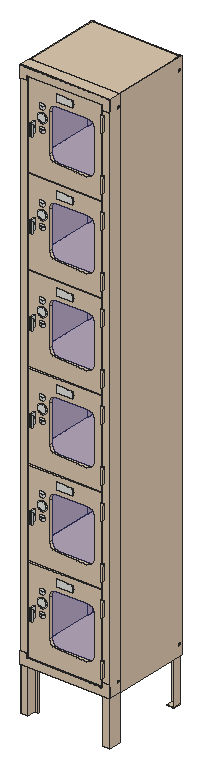
Revit family "Metal_Lockers-Salsbury_Industries-S_65000_66000_Series-1_Wide_Units", category Specialty Equipment, Revit 2016 (continued)
Definition of nested family "Metal Locker Legs"
  Automatic sketch dimensions
    Extrusion 3 sketch curve to plane 21 "Inside Edge or Rear Right Leg" = 0.000"
    Extrusion 3 sketch curve to plane 18 "Right Edge of Rear Right Leg" = 0.000"
    plane 20 to Extrusion 3 sketch curve = 0.000"
    plane 17 "Back Edge of Rear Legs" to Extrusion 3 sketch curve = 0.060"
    plane 18 "Right Edge of Rear Right Leg" to Extrusion 3 sketch curve = 0.060"
    plane 17 "Back Edge of Rear Legs" to Extrusion 4 sketch curve = 0.000"
    Extrusion 4 sketch curve to plane 18 "Right Edge of Rear Right Leg" = 0.000"
    plane 20 to Extrusion 4 sketch curve = 0.000"
    Extrusion 4 sketch curve to plane 21 "Inside Edge or Rear Right Leg" = 0.000"
    plane 17 "Back Edge of Rear Legs" to Extrusion 5 sketch curve = 0.000"
    Extrusion 5 sketch curve to plane 22 "Inside Edge or Left Rear Leg" = 0.000"
    Extrusion 5 sketch curve to plane 19 "Left Edge or Rear Left Leg" = 0.000"
    plane 20 to Extrusion 5 sketch curve = 0.000"
    Extrusion 5 sketch curve to plane 17 "Back Edge of Rear Legs" = 0.060"
    Extrusion 5 sketch curve to plane 19 "Left Edge or Rear Left Leg" = 0.060"
    plane 17 "Back Edge of Rear Legs" to Extrusion 6 sketch curve = 0.000"
    Extrusion 6 sketch curve to plane 19 "Left Edge or Rear Left Leg" = 0.000"
    plane 20 to Extrusion 6 sketch curve = 0.000"
    Extrusion 6 sketch curve to plane 22 "Inside Edge or Left Rear Leg" = 0.000"
Definition of nested family "See-Through Metal Locker Doors-12 inch with Latch Hasps"
  Parameters (values of type "Four Tier Door - 6 foot")
    Window Panel = none
    Window Height = 13.000"
    Width = 9.901"
    Visible = yes
    Primary Structure Material = none
    Top of Window Vertical Alignment = 2.180"
    Number Plate Alignment = 0.738"
    Window Width = 6.000"
    Hinge 2 Placement = 14.142"
    Hinge 1 Placement = 1.125"
    Height = 17.360"
    Hasp Plate Rivet Material = none
    Hasp Height = 1.438"
    Depth = 0.350"
  Types (4): name | Window Height | Top of Window Vertical Alignment | Hinge 2 Placement | Height
    Four Tier Door - 6 foot | 13.000" | 2.180" | 14.142" | 17.360"
    Four Tier Door - 5 foot | 10.000" | 2.180" | 11.142" | 14.360"
    Five Tier Door - 5 foot | 7.000" | 2.250" | 8.188" | 11.463"
    Six Tier Door - 6 foot | 7.000" | 2.250" | 8.449" | 11.532"
  Reference planes (in)
    plane 1 "Center (Front/Back)": y = 0
    plane 2 "Bottom of Door": z = 0
    plane 3 "Center (Left/Right)": x = 0
    plane 4 "Center (Top/Bottom)": z = 8.68
    plane 5 "Top of Door": z = 17.36
    plane 6 "Right Side of Door": x = 4.9505
    plane 7 "Left Side of Door": x = -4.9505
    plane 8 "Front of Door": y = -0.175
    plane 9 "Back of Door": y = 0.175
    plane 10 "Top of Number Plate": z = 16.622
    plane 11 "Top of Window Cut Out": z = 15.18
    plane 12 "Bottom of Window Cut Out": z = 2.18
    plane 13 "Top of Hasp Alignment": z = 9.399
    plane 14 "Bottom of Hasp Alignment": z = 7.961
    plane 15 "Left Side of Window Cut Out": x = -2.0495
    plane 16 "Right Side of Window Cut Out": x = 3.9505
    plane 17 "Front of Louvers": y = -0.3625
    plane 18: z = 15.622
    plane 19 "Center Hasp": x = -1.7755
    plane 20 "Top of Hinge 2": z = 3.218
    plane 21 "Top of Hinge 1": z = 16.235
    plane 22 "Left Hasp Hole Align": x = -4.263
    plane 23 "Right Hasp Hole Align": x = -4.013
    plane 24 "Center Hasp Stud Align": z = 10.09841
    plane 25 "Top Hasp Stud Align": z = 11.51682
    plane 26 "Vertical Hasp Stud Align": x = -3.076
    plane 27 "Vertical Center Hasp Align": x = -4.13777
    plane 28 "Center of Window": x = 0.9505
    plane 29: z = 15.18
    plane 30: z = 14.18
    plane 31: z = 2.18
    plane 32: z = 3.18
    plane 33: x = -2.0495
    plane 34: x = -1.0495
    plane 35: x = 2.9505
    plane 36: x = 3.9505
    plane 37 "Left Side of Window": x = -2.2995
    plane 38 "Right Side of Window": x = 4.2005
    plane 39 "Bottom of Window": z = 1.93
    plane 40 "Top of Window": z = 15.43
    plane 41: x = -3.76277
    plane 42: y = -0.9875
    plane 43: x = -4.20027
  Forms (in)
    Extrusion 1, solid, material <- "Primary Structure Material", visible <- "Visible"
      sketch origin (0, 0, 0) x (1, 0, 0) y (0, 0, 1)
        loop
          line (-4.9505, 17.36) -> (-4.9505, 0) -> (4.9505, 0) -> (4.9505, 17.36) -> (-4.9505, 17.36)
        loop
          line (-2.0495, 14.18) -> (-2.0495, 3.18)
          arc (-2.0495, 3.18) -> (-1.75661, 2.47289) -> (-1.0495, 2.18) r 1
          line (-1.0495, 2.18) -> (2.9505, 2.18)
          arc (2.9505, 2.18) -> (3.65761, 2.47289) -> (3.9505, 3.18) r 1
          line (3.9505, 3.18) -> (3.9505, 14.18)
          arc (3.9505, 14.18) -> (3.65761, 14.88711) -> (2.9505, 15.18) r 1
          line (2.9505, 15.18) -> (-1.0495, 15.18)
          arc (-1.0495, 15.18) -> (-1.75661, 14.88711) -> (-2.0495, 14.18) r 1
      from -0.175 to 0.175
    Extrusion 2, solid, material <- "Primary Structure Material", visible <- "Visible", detail levels fine
      sketch origin (0, 0, 16.235) x (0, -1, 0) y (1, 0, 0)
        loop
          line (0.175, 4.9505) -> (0.3, 4.9505)
          arc (0.3, 4.9505) -> (0.425, 5.0755) -> (0.3, 5.2005) r 0.125
          line (0.3, 5.2005) -> (0.175, 5.2005) -> (0.175, 4.9505)
      from 0 to -2
    Extrusion 3, solid, material <- "Primary Structure Material", visible <- "Visible", detail levels fine
      sketch origin (0, 0, 3.218) x (0, -1, 0) y (1, 0, 0)
        loop
          line (0.175, 4.9505) -> (0.3, 4.9505)
          arc (0.3, 4.9505) -> (0.425, 5.0755) -> (0.3, 5.2005) r 0.125
          line (0.3, 5.2005) -> (0.175, 5.2005) -> (0.175, 4.9505)
      from 0 to -2
    Extrusion 4, void
      sketch origin (0, -0.175, 0) x (1, 0, 0) y (0, 0, 1)
        loop
          line (-4.263, 9.399) -> (-4.263, 7.961) -> (-4.013, 7.961) -> (-4.013, 9.399) -> (-4.263, 9.399)
      from -0.9 to 0
    Blend 5, solid, material <- "Hasp Plate Rivet Material", visible <- "Visible", detail levels medium+fine
      base sketch origin (0, -0.175, 0) x (1, 0, 0) y (0, 0, 1)
        loop
          circle (-3.076, 8.68) r 0.375
      top sketch origin (0, -0.175, 0) x (1, 0, 0) y (0, 0, 1)
        loop
          circle (-3.076, 8.68) r 0.09706
      from 0 to 0.03497
    Blend 6, solid, material <- "Hasp Plate Rivet Material", visible <- "Visible", detail levels medium+fine
      base sketch origin (0, -0.175, 2.83682) x (1, 0, 0) y (0, 0, 1)
        loop
          circle (-3.076, 8.68) r 0.375
      top sketch origin (0, -0.175, 2.83682) x (1, 0, 0) y (0, 0, 1)
        loop
          circle (-3.076, 8.68) r 0.09706
      from 0 to 0.03497
    Blend 7, solid, material <- "Hasp Plate Rivet Material", visible <- "Visible", detail levels medium+fine
      base sketch origin (0, -0.175, -0.16841) x (1, 0, 0) y (0, 0, 1)
        loop
          circle (-3.076, 10.26682) r 0.625
      top sketch origin (0, -0.175, -0.16841) x (1, 0, 0) y (0, 0, 1)
        loop
          circle (-3.076, 10.26682) r 0.58088
      from 0 to 0.03497
    Extrusion 8, solid, material <- "Hasp Plate Rivet Material", visible <- "Visible", detail levels medium+fine
      sketch origin (0, 0, 7.961) x (0, -1, 0) y (1, 0, 0)
        loop
          line (-0.175, -4.07527) -> (-0.175, -4.13777) -> (0.925, -4.13777)
          arc (0.925, -4.13777) -> (0.96919, -4.11946) -> (0.9875, -4.07527) r 0.0625
          line (0.9875, -4.07527) -> (0.9875, -3.76277) -> (0.93079, -3.76277) -> (0.93079, -4.0127)
          arc (0.93079, -4.0127) -> (0.91246, -4.05694) -> (0.86822, -4.07527) r 0.06257
          line (0.86822, -4.07527) -> (-0.175, -4.07527)
      from 0 to 1.438
    Extrusion 9, solid, material <- "Hasp Plate Rivet Material", visible <- "Visible", detail levels medium+fine
      sketch origin (0, 0, 7.961) x (0, -1, 0) y (1, 0, 0)
        loop
          line (-0.175, -4.20027) -> (0.9875, -4.20027) -> (0.9875, -4.13777) -> (-0.175, -4.13777) -> (-0.175, -4.20027)
      from 0 to 1.438
    Extrusion 10, void
      sketch origin (-4.013, 0, 0) x (0, 0, -1) y (0, -1, 0)
        loop
          circle (-8.68, 0.54719) r 0.375
      from 0 to 0.25
    Extrusion 11, solid, material <- "Window Panel"
      sketch origin (0, 0.175, 0) x (1, 0, 0) y (0, 0, 1)
        loop
          line (-2.2995, 15.43) -> (-2.2995, 1.93) -> (4.2005, 1.93) -> (4.2005, 15.43) -> (-2.2995, 15.43)
      from 0 to -0.25
    Extrusion 12, solid, material <- "Hasp Plate Rivet Material", detail levels medium+fine
      sketch origin (0, -0.175, 0) x (1, 0, 0) y (0, 0, 1)
        loop
          arc (-1.06847, 16.58622) -> (-1.0946, 16.12349) -> (-1.06847, 15.66075) r 4.11054
          arc (-1.06847, 15.66075) -> (0, 15.622) -> (1.06847, 15.66075) r 14.75
          arc (1.06847, 15.66075) -> (1.0946, 16.12349) -> (1.06847, 16.58622) r 4.11054
          arc (1.06847, 16.58622) -> (0, 16.61467) -> (-1.06847, 16.58622) r 20.07893
      from 0 to 0.03497
  Cuts and joins
    Extrusion 4 cuts Extrusion 1
    Extrusion 10 cuts Extrusion 8
    Extrusion 10 cuts Extrusion 9
  Lines and regions (in)
    symbolic lines
      curve 1: line (-4.9505, 0.175, 17.36) -> (4.9505, 0.175, 17.36)
      curve 2: line (-4.9505, 0.175, 0) -> (-4.9505, 0.175, 17.36)
      curve 3: line (4.9505, 0.175, 0) -> (-4.9505, 0.175, 0)
      curve 4: line (4.9505, 0.175, 17.36) -> (4.9505, 0.175, 0)
      curve 5: line (-1.0495, 0.175, 15.18) -> (2.9505, 0.175, 15.18)
      curve 6: line (3.9505, 0.175, 14.18) -> (3.9505, 0.175, 3.18)
      curve 7: line (2.9505, 0.175, 2.18) -> (-1.0495, 0.175, 2.18)
      curve 8: line (-2.0495, 0.175, 3.18) -> (-2.0495, 0.175, 14.18)
      curve 9: arc (-2.0495, 0.175, 14.18) -> (-1.75661, 0.175, 14.88711) -> (-1.0495, 0.175, 15.18) r 1
      curve 10: arc (3.9505, 0.175, 14.18) -> (3.65761, 0.175, 14.88711) -> (2.9505, 0.175, 15.18) r 1
      curve 11: arc (2.9505, 0.175, 2.18) -> (3.65761, 0.175, 2.47289) -> (3.9505, 0.175, 3.18) r 1
      curve 12: arc (-1.0495, 0.175, 2.18) -> (-1.75661, 0.175, 2.47289) -> (-2.0495, 0.175, 3.18) r 1
      curve 13: circle (-3.076, 0.175, 11.51682) r 0.375 normal (0, -1, 0)
      curve 14: circle (-3.076, 0.175, 8.68) r 0.375 normal (0, -1, 0)
      curve 15: circle (-3.076, 0.175, 10.09841) r 0.625 normal (0, -1, 0)
      curve 16: line (-4.263, 0.175, 9.399) -> (-3.76277, 0.175, 9.399)
      curve 17: line (-4.263, 0.175, 7.961) -> (-4.263, 0.175, 9.399)
      curve 18: line (-3.76277, 0.175, 7.961) -> (-4.263, 0.175, 7.961)
      curve 19: line (-3.76277, 0.175, 9.399) -> (-3.76277, 0.175, 7.961)
      curve 20: line (-4.13777, 0.175, 9.399) -> (-4.13777, 0.175, 7.961)
      curve 21: line (-4.013, -0.9875, 9.399) -> (-4.013, -0.175, 9.399)
      curve 22: line (-4.013, -0.9875, 7.961) -> (-4.013, -0.9875, 9.399)
      curve 23: line (-4.013, -0.175, 7.961) -> (-4.013, -0.9875, 7.961)
      curve 24: line (-4.013, -0.175, 9.399) -> (-4.013, -0.175, 7.961)
      curve 25: circle (-4.013, -0.55258, 8.68) r 0.37238 normal (-1, 0, 0)
      curve 26: line (-4.20027, -0.175, 0) -> (-4.13777, -0.175, 0)
      curve 27: line (-4.20027, -0.9875, 0) -> (-4.20027, -0.175, 0)
      curve 28: line (-4.13777, -0.9875, 0) -> (-4.20027, -0.9875, 0)
      curve 29: line (-4.13777, -0.175, 0) -> (-4.13777, -0.9875, 0)
      curve 30: line (-4.07527, -0.17219, 0) -> (-4.07527, -0.86822, 0)
      curve 31: line (-3.76277, -0.93079, 0) -> (-4.0127, -0.93079, 0)
      curve 32: line (-3.76277, -0.93079, 0) -> (-3.76277, -0.9875, 0)
      curve 33: line (-3.76277, -0.9875, 0) -> (-4.07527, -0.9875, 0)
      curve 34: arc (-4.0127, -0.93079, 0) -> (-4.05694, -0.91246, 0) -> (-4.07527, -0.86822, 0) r 0.06257
      curve 35: arc (-4.07527, -0.9875, 0) -> (-4.11946, -0.96919, 0) -> (-4.13777, -0.925, 0) r 0.0625
  Dimensions and locks (in)
    equal spacing: plane 5 "Top of Door", plane 4 "Center (Top/Bottom)", plane 2 "Bottom of Door"
    "Height": plane 5 "Top of Door" to plane 2 "Bottom of Door"
    equal spacing: plane 8 "Front of Door", plane 1 "Center (Front/Back)", plane 9 "Back of Door"
    "Depth": plane 8 "Front of Door" to plane 9 "Back of Door"
    equal spacing: plane 7 "Left Side of Door", plane 3 "Center (Left/Right)", plane 6 "Right Side of Door"
    "Width": plane 7 "Left Side of Door" to plane 6 "Right Side of Door"
    "Number Plate Alignment": plane 5 "Top of Door" to plane 10 "Top of Number Plate" to plane 18
    "Window Width": plane 15 "Left Side of Window Cut Out" to plane 16 "Right Side of Window Cut Out"
    "Top of Window Vertical Alignment": plane 5 "Top of Door" to plane 11 "Top of Window Cut Out"
    "Window Height": plane 11 "Top of Window Cut Out" to plane 12 "Bottom of Window Cut Out"
    plane 25 "Top Hasp Stud Align" to plane 24 "Center Hasp Stud Align" to plane 13 "Top of Hasp Alignment" to plane 4 "Center (Top/Bottom)" to plane 14 "Bottom of Hasp Alignment" = 1.41841", 0.69941", 0.719", 0.719"
    "Hasp Height": plane 13 "Top of Hasp Alignment" to plane 14 "Bottom of Hasp Alignment"
    locked: plane 17 "Front of Louvers" to plane 8 "Front of Door" at 0.1875
    "Hinge 1 Placement": plane 5 "Top of Door" to plane 21 "Top of Hinge 1"
    "Hinge 2 Placement": plane 5 "Top of Door" to plane 20 "Top of Hinge 2"
    plane 7 "Left Side of Door" to plane 22 "Left Hasp Hole Align" to plane 23 "Right Hasp Hole Align" to plane 26 "Vertical Hasp Stud Align" = 0.6875" locked, 0.250" locked, 0.937" locked
    equal spacing: plane 15 "Left Side of Window Cut Out", plane 28 "Center of Window", plane 16 "Right Side of Window Cut Out"
    locked: plane 16 "Right Side of Window Cut Out" to plane 6 "Right Side of Door" at 1
    plane 32 to plane 31 = 1.000"
    plane 29 to plane 30 = 1.000"
    plane 33 to plane 34 = 1.000"
    plane 35 to plane 36 = 1.000"
    locked: plane 12 "Bottom of Window Cut Out" to plane 39 "Bottom of Window" at 0.25
    locked: plane 37 "Left Side of Window" to plane 15 "Left Side of Window Cut Out" at 0.25
    locked: plane 16 "Right Side of Window Cut Out" to plane 38 "Right Side of Window" at 0.25
    locked: plane 40 "Top of Window" to plane 11 "Top of Window Cut Out" at 0.25
    plane 23 "Right Hasp Hole Align" to plane 41 = 0.25023"
    plane 42 to plane 17 "Front of Louvers" = 0.625"
    aligned and locked: level to plane 2 "Bottom of Door"
    aligned and locked: plane 5 "Top of Door" to Extrusion 1 sketch curve
    aligned and locked: Extrusion 1 sketch curve to plane 7 "Left Side of Door"
    aligned and locked: plane 2 "Bottom of Door" to Extrusion 1 sketch curve
    aligned and locked: plane 6 "Right Side of Door" to Extrusion 1 sketch curve
    aligned and locked: plane 13 "Top of Hasp Alignment" to Extrusion 4 sketch curve
    aligned and locked: Extrusion 4 sketch curve to plane 22 "Left Hasp Hole Align"
    aligned and locked: Extrusion 4 sketch curve to plane 14 "Bottom of Hasp Alignment"
    aligned and locked: plane 23 "Right Hasp Hole Align" to Extrusion 4 sketch curve
    aligned and locked: plane 25 "Top Hasp Stud Align" to Blend 6 sketch curve  (x2)
    aligned and locked: plane 4 "Center (Top/Bottom)" to Blend 5 sketch curve  (x2)
    aligned and locked: plane 24 "Center Hasp Stud Align" to Blend 7 sketch curve  (x2)
    aligned and locked: plane 27 "Vertical Center Hasp Align" to Extrusion 9 sketch curve
    aligned and locked: plane 27 "Vertical Center Hasp Align" to Extrusion 8 sketch curve
    aligned and locked: plane 4 "Center (Top/Bottom)" to Extrusion 10 sketch curve
    aligned and locked: plane 11 "Top of Window Cut Out" to plane 29
    aligned and locked: plane 12 "Bottom of Window Cut Out" to plane 31
    aligned and locked: plane 16 "Right Side of Window Cut Out" to plane 36
    aligned and locked: plane 15 "Left Side of Window Cut Out" to plane 33
    aligned and locked: plane 29 to Extrusion 1 sketch curve  (x2)
    aligned and locked: plane 30 to Extrusion 1 sketch curve  (x2)
    aligned and locked: Extrusion 1 sketch curve to plane 33
    aligned and locked: Extrusion 1 sketch curve to plane 34
    aligned and locked: Extrusion 1 sketch curve to plane 36
    aligned and locked: Extrusion 1 sketch curve to plane 35
    aligned and locked: plane 31 to Extrusion 1 sketch curve  (x2)
    aligned and locked: plane 32 to Extrusion 1 sketch curve  (x2)
    aligned and locked: plane 33 to Extrusion 1 sketch curve
    aligned and locked: plane 34 to Extrusion 1 sketch curve
    aligned and locked: plane 36 to Extrusion 1 sketch curve
    aligned and locked: plane 35 to Extrusion 1 sketch curve
    aligned and locked: plane 8 "Front of Door" to cut or joined group of Extrusion 1, Extrusion 4
    aligned and locked: cut or joined group of Extrusion 1, Extrusion 4 to plane 9 "Back of Door"
    aligned and locked: plane 5 "Top of Door" to curve 1
    aligned and locked: curve 2 to plane 7 "Left Side of Door"
    aligned and locked: plane 6 "Right Side of Door" to curve 4
    aligned and locked: plane 2 "Bottom of Door" to curve 3
    aligned and locked: curve 5 to cut or joined group of Extrusion 1, Extrusion 4
    aligned and locked: curve 6 to cut or joined group of Extrusion 1, Extrusion 4
    aligned and locked: curve 7 to cut or joined group of Extrusion 1, Extrusion 4
    aligned and locked: curve 8 to cut or joined group of Extrusion 1, Extrusion 4
    aligned and locked: plane 13 "Top of Hasp Alignment" to curve 16
    aligned and locked: curve 18 to plane 14 "Bottom of Hasp Alignment"
    aligned and locked: curve 17 to plane 22 "Left Hasp Hole Align"
    aligned and locked: plane 41 to curve 19
    aligned and locked: plane 14 "Bottom of Hasp Alignment" to curve 20
    aligned and locked: plane 13 "Top of Hasp Alignment" to curve 20
    aligned and locked: plane 27 "Vertical Center Hasp Align" to curve 20
    aligned and locked: plane 8 "Front of Door" to curve 24
    aligned and locked: curve 23 to plane 14 "Bottom of Hasp Alignment"
    aligned and locked: plane 13 "Top of Hasp Alignment" to curve 21
    aligned and locked: curve 22 to plane 42
    aligned and locked: plane 27 "Vertical Center Hasp Align" to curve 29
    aligned and locked: curve 27 to plane 43
    aligned and locked: plane 8 "Front of Door" to curve 26
    aligned and locked: curve 30 to cut or joined group of Extrusion 8, Extrusion 10
    aligned and locked: curve 31 to cut or joined group of Extrusion 8, Extrusion 10
    aligned and locked: curve 32 to cut or joined group of Extrusion 8, Extrusion 10
    aligned and locked: curve 33 to cut or joined group of Extrusion 8, Extrusion 10
  Automatic sketch dimensions
    Extrusion 2 sketch curve to plane 6 "Right Side of Door" = 0.000"
    plane 8 "Front of Door" to Extrusion 2 sketch curve = 0.000"
    Extrusion 2 sketch curve to plane 17 "Front of Louvers" = 0.0625"
    Extrusion 2 sketch curve to plane 6 "Right Side of Door" = 0.125"
    Extrusion 3 sketch curve to plane 6 "Right Side of Door" = 0.000"
    plane 8 "Front of Door" to Extrusion 3 sketch curve = 0.000"
    Extrusion 3 sketch curve to plane 17 "Front of Louvers" = 0.0625"
    Extrusion 3 sketch curve to plane 6 "Right Side of Door" = 0.125"
    plane 26 "Vertical Hasp Stud Align" to Blend 5 sketch curve = 0.000"  (x2)
    plane 26 "Vertical Hasp Stud Align" to Blend 6 sketch curve = 0.000"  (x2)
    Extrusion 8 sketch curve to plane 1 "Center (Front/Back)" = 0.175"
    plane 23 "Right Hasp Hole Align" to Extrusion 8 sketch curve = 0.06227"
    Extrusion 8 sketch curve to plane 23 "Right Hasp Hole Align" = 0.0003"
    plane 17 "Front of Louvers" to Extrusion 8 sketch curve = 0.50572"
    Extrusion 8 sketch curve to Extrusion 8 sketch curve = 0.05678"
    Extrusion 8 sketch curve to Extrusion 8 sketch curve = 0.24993"
    plane 9 "Back of Door" to Extrusion 9 sketch curve = 0.000"
    plane 17 "Front of Louvers" to Extrusion 9 sketch curve = 0.625"
    Extrusion 9 sketch curve to plane 22 "Left Hasp Hole Align" = 0.06273"
    Extrusion 8 sketch curve to Extrusion 8 sketch curve = 0.06257"
    plane 17 "Front of Louvers" to Extrusion 10 sketch curve = 0.18469"
    plane 26 "Vertical Hasp Stud Align" to Blend 7 sketch curve = 0.000"  (x2)
    plane 37 "Left Side of Window" to Extrusion 11 sketch curve = 0.000"
    plane 38 "Right Side of Window" to Extrusion 11 sketch curve = 0.000"
    Extrusion 11 sketch curve to plane 39 "Bottom of Window" = 0.000"
    plane 40 "Top of Window" to Extrusion 11 sketch curve = 0.000"
    Extrusion 12 sketch curve to plane 3 "Center (Left/Right)" = 0.000"  (x2)
    Extrusion 12 sketch curve to plane 26 "Vertical Hasp Stud Align" = 0.06006"
    plane 21 "Top of Hinge 1" to Extrusion 12 sketch curve = 0.11151"  (x2)
    plane 16 "Right Side of Window Cut Out" to Extrusion 12 sketch curve = 0.93456"
    Extrusion 12 sketch curve to level = 3.46426"
    Extrusion 12 sketch curve to plane 5 "Top of Door" = 13.012"
    plane 10 "Top of Number Plate" to Extrusion 12 sketch curve = 0.03578"  (x2)
    Extrusion 12 sketch curve to plane 19 "Center Hasp" = 0.70703"
    Extrusion 12 sketch curve to plane 18 = 0.03875"
    curve 13 to plane 25 "Top Hasp Stud Align" = 0.000"
    plane 26 "Vertical Hasp Stud Align" to curve 13 = 0.000"
    curve 14 to plane 4 "Center (Top/Bottom)" = 0.000"
    plane 26 "Vertical Hasp Stud Align" to curve 14 = 0.000"
    curve 15 to plane 24 "Center Hasp Stud Align" = 0.000"
    plane 26 "Vertical Hasp Stud Align" to curve 15 = 0.000"
    curve 7 to plane 19 "Center Hasp" = 0.726"
    curve 5 to plane 19 "Center Hasp" = 0.726"
    plane 16 "Right Side of Window Cut Out" to curve 7 = 1.000"
    plane 16 "Right Side of Window Cut Out" to curve 5 = 1.000"
    plane 4 "Center (Top/Bottom)" to curve 25 = 0.000"
    plane 17 "Front of Louvers" to curve 25 = 0.19008"
    plane 42 to curve 29 = 0.000"
    curve 35 to curve 30 = 0.000"
    curve 34 to plane 23 "Right Hasp Hole Align" = 0.0003"
    curve 30 to plane 8 "Front of Door" = 0.00281"
    radius of Blend 5 sketch curve = 0.375"
    radius of Blend 5 sketch curve = 0.09706"
    radius of Blend 6 sketch curve = 0.375"
    radius of Blend 6 sketch curve = 0.09706"
    radius of Extrusion 10 sketch curve = 0.375"
    radius of Blend 7 sketch curve = 0.625"
    radius of Blend 7 sketch curve = 0.58088"
    radius of curve 13 = 0.375"
    radius of curve 14 = 0.375"
    radius of curve 15 = 0.625"
    radius of curve 25 = 0.37238"
Definition of nested family "Metal Locker Front Base"
  Parameters (values of type "77742 - for 12" W Lockers with Legs")
    Width = 10.040"
    Visible [instance] = yes
    Version = "1.0 (11/30/15)"
    Type Comments = "Front Base for Standard Metal Lockers"
    Primary Structure Material = none
    Model = "77742"
    MasterFormat Title = ""
    MasterFormat Number = ""
    Manufacturer = "Salsbury Industries"
    Description = "Front Base for 12\" Wide Lockers"
    Depth = 1.185"
    Height = 6.000"
    Assembly Code = ""
  Types (3): name | Width | Visible | Model | Description
    77742 - for 12" W Lockers with Legs | 10.040" | yes | "77742" | "Front Base for 12\" Wide Lockers"
    77745 - for 15" W Lockers with Legs | 13.040" | yes | "77745" | "Front Base for 15\" Wide Lockers"
    None | 10.040" | no | "77742" | "Front Base for 12\" Wide Lockers"
  Reference planes (in)
    plane 1 "Center (Front/Back)": y = -5.417
    plane 2: z = 0
    plane 3 "Center (Left/Right)": x = 0
    plane 4 "Floor": z = 0
    plane 5 "Top of Enclosure": z = 6
    plane 6 "Front of Enclosure": y = -6.005
    plane 7 "Right Side of Enclosure": x = 5.02
    plane 8 "Left Side of Enclosure": x = -5.02
    plane 9 "Back of Enclosure": y = -4.82
  Forms (in)
    Extrusion 1, solid, material <- "Primary Structure Material", visible <- "Visible"
      sketch origin (0, -6.005, 0) x (1, 0, 0) y (0, 0, 1)
        loop
          line (-5.02, 6) -> (-5.02, 0) -> (5.02, 0) -> (5.02, 6) -> (-5.02, 6)
      from -0.06 to 0
    Extrusion 2, solid, material <- "Primary Structure Material", visible <- "Visible"
      sketch origin (0, 0, 0) x (0, 1, 0) y (0, 0, 1)
        loop
          line (-5.945, 6) -> (-5.945, 5.94) -> (-4.82, 5.94) -> (-4.82, 6) -> (-5.945, 6)
      from -5.02 to 5.02
    Extrusion 3, solid, material <- "Primary Structure Material", visible <- "Visible"
      sketch origin (5.02, 0, 0) x (0, 0, -1) y (0, -1, 0)
        loop
          line (-5.75, 5.945) -> (-5.75, 4.82) -> (-0.25, 4.82) -> (-0.25, 5.945) -> (-5.75, 5.945)
      from 0 to 0.06
    Extrusion 4, solid, material <- "Primary Structure Material", visible <- "Visible"
      sketch origin (-5.02, 0, 0) x (0, 0, -1) y (0, -1, 0)
        loop
          line (-5.75, 5.945) -> (-5.75, 4.82) -> (-0.25, 4.82) -> (-0.25, 5.945) -> (-5.75, 5.945)
      from 0 to -0.06
  Dimensions and locks (in)
    "Height": plane 5 "Top of Enclosure" to plane 4 "Floor"
    plane 6 "Front of Enclosure" to plane 1 "Center (Front/Back)" = 0.588"
    "Depth": plane 6 "Front of Enclosure" to plane 9 "Back of Enclosure"
    equal spacing: plane 8 "Left Side of Enclosure", plane 3 "Center (Left/Right)", plane 7 "Right Side of Enclosure"
    "Width": plane 8 "Left Side of Enclosure" to plane 7 "Right Side of Enclosure"
    aligned and locked: level to plane 2
    aligned and locked: plane 8 "Left Side of Enclosure" to Extrusion 2
    aligned and locked: Extrusion 2 to plane 7 "Right Side of Enclosure"
    aligned and locked: Extrusion 1 to plane 7 "Right Side of Enclosure"
  Automatic sketch dimensions
    Extrusion 1 sketch curve to Extrusion 1 sketch curve = 10.040"
    Extrusion 1 sketch curve to Extrusion 1 sketch curve = 6.000"
    Extrusion 2 sketch curve to Extrusion 2 sketch curve = 1.125"
    Extrusion 2 sketch curve to Extrusion 2 sketch curve = 0.060"
    Extrusion 3 sketch curve to Extrusion 3 sketch curve = 5.500"
    Extrusion 3 sketch curve to Extrusion 3 sketch curve = 1.125"
    Extrusion 4 sketch curve to Extrusion 4 sketch curve = 5.500"
    Extrusion 4 sketch curve to Extrusion 4 sketch curve = 1.125"
    Extrusion 1 sketch curve to level = 0.000"
    plane 8 "Left Side of Enclosure" to Extrusion 1 sketch curve = 0.000"
    plane 5 "Top of Enclosure" to Extrusion 2 sketch curve = 0.000"
    Extrusion 2 sketch curve to plane 9 "Back of Enclosure" = 0.000"
    Extrusion 3 sketch curve to plane 9 "Back of Enclosure" = 0.000"
    plane 5 "Top of Enclosure" to Extrusion 3 sketch curve = 0.250"
    Extrusion 4 sketch curve to plane 9 "Back of Enclosure" = 0.000"
    plane 5 "Top of Enclosure" to Extrusion 4 sketch curve = 0.250"
Definition of nested family "Metal Locker Right Side Base"
  Parameters (values of type "77732 Right - for 12" D Lockers with Legs")
    Width including Rivet [instance] = 1.290"
    Visible = yes
    Primary Structure Material = none
    Depth = 10.422"
    Version = "1.0 (11/30/15)"
    Type Comments = "End Base for Standard Metal Lockers"
    Model = "77732"
    MasterFormat Title = ""
    MasterFormat Number = ""
    Manufacturer = "Salsbury Industries"
    Description = "1.25\"W x 6\" H x 10\"D"
    Width = 1.250"
    Height = 6.000"
    Assembly Code = ""
  Types (4): name | Visible | Depth | Model | Description
    77732 Right - for 12" D Lockers with Legs | yes | 10.422" | "77732" | "1.25\"W x 6\" H x 10\"D"
    77735 Right - for 15" D Lockers with Legs | yes | 13.422" | "77735" | "1.25\"W x 6\" H x 13\"D"
    77738 Right - for 18" D Lockers with Legs | yes | 16.422" | "77738" | "1.25\"W x 6\" H x 16\"D"
    None | no | 10.422" | "" | ""
  Reference planes (in)
    plane 1 "Center (Front/Back)": y = 0
    plane 2: z = 0
    plane 3 "Center (Left/Right)": x = 5.395
    plane 4 "Floor": z = 0
    plane 5 "Top of Enclosure": z = 6
    plane 6 "Left Side of Unit": x = 4.77
    plane 7 "Right Side of Unit": x = 6.02
    plane 8 "Left Edge of Enclosure": y = -5.211
    plane 9 "Right Edge of Enclosure": y = 5.211
    plane 10 "Left Edge of Insert": y = -6.27647
    plane 11 "Right Edge of Insert": y = -5.15147
    plane 12 "Rivet Edge": x = 6.06
  Forms (in)
    Extrusion 1, solid, material <- "Primary Structure Material", visible <- "Visible"
      sketch origin (6.02, 0, 0) x (0, 0, -1) y (0, -1, 0)
        loop
          line (-6, 5.211) -> (-6, -5.211) -> (0, -5.211) -> (0, 5.211) -> (-6, 5.211)
      from 0 to 0.06
    Extrusion 2, solid, material <- "Primary Structure Material", visible <- "Visible"
      sketch origin (0, 0, 6) x (0, -1, 0) y (1, 0, 0)
        loop
          line (5.15147, 5.96) -> (5.15147, 5.9) -> (6.27647, 5.9) -> (6.27647, 5.96) -> (5.15147, 5.96)
      from -6 to 0
    Extrusion 3, solid, material <- "Primary Structure Material", visible <- "Visible"
      sketch origin (6.02, 0, 0) x (0, 0, -1) y (0, -1, 0)
        loop
          line (-6, 4.90147) -> (-6, -3.961) -> (-5.94, -3.961) -> (-5.94, 4.90147) -> (-6, 4.90147)
      from 0.06 to 1.25
    Extrusion 4, solid, material <- "Primary Structure Material", visible <- "Visible"
      sketch origin (6.02, 0, -5.94) x (0, 0, -1) y (0, -1, 0)
        loop
          line (-6, 4.90147) -> (-6, -3.961) -> (-5.94, -3.961) -> (-5.94, 4.90147) -> (-6, 4.90147)
      from 0.06 to 1.25
  Dimensions and locks (in)
    "Height": plane 5 "Top of Enclosure" to plane 4 "Floor"
    plane 10 "Left Edge of Insert" to plane 8 "Left Edge of Enclosure" to plane 11 "Right Edge of Insert" = 1.06547" locked, 0.05953" locked
    equal spacing: plane 8 "Left Edge of Enclosure", plane 1 "Center (Front/Back)", plane 9 "Right Edge of Enclosure"
    "Depth": plane 8 "Left Edge of Enclosure" to plane 9 "Right Edge of Enclosure"
    equal spacing: plane 6 "Left Side of Unit", plane 3 "Center (Left/Right)", plane 7 "Right Side of Unit"
    "Width": plane 6 "Left Side of Unit" to plane 7 "Right Side of Unit"
    locked: plane 7 "Right Side of Unit" to plane 12 "Rivet Edge" at 0.04
    "Width including Rivet": plane 6 "Left Side of Unit" to plane 12 "Rivet Edge"
    aligned and locked: level to plane 2
    aligned and locked: plane 11 "Right Edge of Insert" to Extrusion 2
    aligned and locked: plane 10 "Left Edge of Insert" to Extrusion 2
    aligned and locked: Extrusion 3 to Extrusion 1
    aligned and locked: plane 6 "Left Side of Unit" to Extrusion 3
  Automatic sketch dimensions
    plane 5 "Top of Enclosure" to Extrusion 1 sketch curve = 0.000"
    Extrusion 1 sketch curve to level = 0.000"
    Extrusion 2 sketch curve to plane 8 "Left Edge of Enclosure" = 0.05953"
    plane 7 "Right Side of Unit" to Extrusion 2 sketch curve = 0.120"
    Extrusion 2 sketch curve to Extrusion 2 sketch curve = 0.060"
    Extrusion 1 sketch curve to plane 8 "Left Edge of Enclosure" = 0.000"
    Extrusion 1 sketch curve to plane 9 "Right Edge of Enclosure" = 0.000"
    plane 10 "Left Edge of Insert" to Extrusion 2 sketch curve = 0.000"
    plane 5 "Top of Enclosure" to Extrusion 3 sketch curve = 0.000"
    Extrusion 3 sketch curve to Extrusion 3 sketch curve = 0.060"
    plane 9 "Right Edge of Enclosure" to Extrusion 3 sketch curve = 1.250"
    Extrusion 3 sketch curve to plane 11 "Right Edge of Insert" = 0.250"
    Extrusion 4 sketch curve to level = 0.000"
    level to Extrusion 4 sketch curve = 0.060"
    plane 9 "Right Edge of Enclosure" to Extrusion 4 sketch curve = 1.250"
    Extrusion 4 sketch curve to plane 11 "Right Edge of Insert" = 0.250"
Definition of nested family "Metal Locker Left Side Base"
  Parameters (values of type "77732 Left - for 12" D Lockers with Legs")
    Width including Rivet [instance] = 1.290"
    Visible = yes
    Primary Structure Material = none
    Depth = 10.422"
    Version = "1.0 (11/30/15)"
    Type Comments = "End Base for Standard Metal Lockers"
    Model = "77732"
    MasterFormat Title = ""
    MasterFormat Number = ""
    Manufacturer = "Salsbury Industries"
    Description = "1.25\"W x 6\" H x 10\"D"
    Width = 1.250"
    Height = 6.000"
    Assembly Code = ""
  Types (4): name | Visible | Depth | Model | Description
    77732 Left - for 12" D Lockers with Legs | yes | 10.422" | "77732" | "1.25\"W x 6\" H x 10\"D"
    77735 Left - for 15" D Lockers with Legs | yes | 13.422" | "77735" | "1.25\"W x 6\" H x 13\"D"
    77738 Left - for 18" D Lockers with Legs | yes | 16.422" | "77738" | "1.25\"W x 6\" H x 16\"D"
    None | no | 10.422" | "" | ""
  Reference planes (in)
    plane 1 "Center (Front/Back)": y = 0
    plane 2: z = 0
    plane 3 "Center (Left/Right)": x = 5.395
    plane 4 "Floor": z = 0
    plane 5 "Top of Enclosure": z = 6
    plane 6 "Left Side of Unit": x = 4.77
    plane 7 "Right Side of Unit": x = 6.02
    plane 8 "Left Edge of Enclosure": y = -5.211
    plane 9 "Right Edge of Enclosure": y = 5.211
    plane 10 "Left Edge of Insert": y = -6.27647
    plane 11 "Right Edge of Insert": y = -5.15147
    plane 12 "Edge of Rivet": x = 4.73
  Forms (in)
    Extrusion 1, solid, material <- "Primary Structure Material", visible <- "Visible"
      sketch origin (6.02, 0, 0) x (0, 0, -1) y (0, -1, 0)
        loop
          line (-6, 4.90147) -> (-6, -3.961) -> (-5.94, -3.961) -> (-5.94, 4.90147) -> (-6, 4.90147)
      from 0 to 1.19
    Extrusion 2, solid, material <- "Primary Structure Material", visible <- "Visible"
      sketch origin (6.02, 0, -5.94) x (0, 0, -1) y (0, -1, 0)
        loop
          line (-6, 4.90147) -> (-6, -3.961) -> (-5.94, -3.961) -> (-5.94, 4.90147) -> (-6, 4.90147)
      from 0 to 1.19
    Extrusion 3, solid, material <- "Primary Structure Material", visible <- "Visible"
      sketch origin (4.77, 0, 0) x (0, 0, -1) y (0, 1, 0)
        loop
          line (-6, -5.211) -> (0, -5.211) -> (0, 5.211) -> (-6, 5.211) -> (-6, -5.211)
      from 0 to 0.06
    Extrusion 4, solid, material <- "Primary Structure Material", visible <- "Visible"
      sketch origin (10.79, 0, 6) x (0, -1, 0) y (1, 0, 0)
        loop
          line (5.15147, -5.96) -> (6.27647, -5.96) -> (6.27647, -5.9) -> (5.15147, -5.9) -> (5.15147, -5.96)
      from -6 to 0
  Dimensions and locks (in)
    "Height": plane 5 "Top of Enclosure" to plane 4 "Floor"
    plane 10 "Left Edge of Insert" to plane 8 "Left Edge of Enclosure" to plane 11 "Right Edge of Insert" = 1.06547" locked, 0.05953" locked
    equal spacing: plane 8 "Left Edge of Enclosure", plane 1 "Center (Front/Back)", plane 9 "Right Edge of Enclosure"
    "Depth": plane 8 "Left Edge of Enclosure" to plane 9 "Right Edge of Enclosure"
    equal spacing: plane 6 "Left Side of Unit", plane 3 "Center (Left/Right)", plane 7 "Right Side of Unit"
    "Width": plane 6 "Left Side of Unit" to plane 7 "Right Side of Unit"
    "Width including Rivet": plane 12 "Edge of Rivet" to plane 7 "Right Side of Unit"
    plane 12 "Edge of Rivet" to plane 6 "Left Side of Unit" = 0.040"
    aligned and locked: level to plane 2
    aligned and locked: Extrusion 1 to Extrusion 3
    aligned and locked: Extrusion 2 to Extrusion 3
  Automatic sketch dimensions
    plane 5 "Top of Enclosure" to Extrusion 1 sketch curve = 0.000"
    Extrusion 1 sketch curve to Extrusion 1 sketch curve = 0.060"
    plane 9 "Right Edge of Enclosure" to Extrusion 1 sketch curve = 1.250"
    Extrusion 1 sketch curve to plane 11 "Right Edge of Insert" = 0.250"
    Extrusion 2 sketch curve to level = 0.000"
    level to Extrusion 2 sketch curve = 0.060"
    plane 9 "Right Edge of Enclosure" to Extrusion 2 sketch curve = 1.250"
    Extrusion 2 sketch curve to plane 11 "Right Edge of Insert" = 0.250"
    plane 5 "Top of Enclosure" to Extrusion 3 sketch curve = 0.000"
    Extrusion 3 sketch curve to level = 0.000"
    Extrusion 3 sketch curve to plane 8 "Left Edge of Enclosure" = 0.000"
    Extrusion 3 sketch curve to plane 9 "Right Edge of Enclosure" = 0.000"
    plane 11 "Right Edge of Insert" to Extrusion 4 sketch curve = 0.000"
    plane 10 "Left Edge of Insert" to Extrusion 4 sketch curve = 0.000"
    plane 6 "Left Side of Unit" to Extrusion 4 sketch curve = 0.120"
    Extrusion 4 sketch curve to Extrusion 4 sketch curve = 0.060"
Definition of nested family "Metal Locker Zee Base"
  Parameters (values of type "77578 - 12"W x 18" D (Bridge)")
    Width = 12.007"
    Visible = yes
    Version = "1.0 (11/30/15)"
    Type Comments = "Zee Base Kit for Standard Metal Lockers - No Legs"
    Primary Structure Material = none
    Model = "77578"
    MasterFormat Title = ""
    MasterFormat Number = ""
    Manufacturer = "Salsbury Industries"
    Description = "4\" H x 6' L - for 12\" Deep Lockers (Includes 6 Foot Front Base, 2 End Bases, Corner Splicer and 4 Rear Legs)"
    Depth = 18.010"
    Height = 4.000"
    Assembly Code = ""
  Types (7): name | Width | Visible | Model | Depth
    77572- 12" W x 12" D | 12.040" | yes | "77572" | 12.010"
    77575 - 12" W x 15" D | 12.040" | yes | "77575" | 15.010"
    77578 - 12"W x 18"D | 12.040" | yes | "77578" | 18.010"
    77575 - 15"W x 15"D | 15.040" | yes | "77575" | 15.010"
    77578 - 15"W x 18"D | 15.040" | yes | "77578" | 18.010"
    None | 12.040" | no | "77572" | 12.010"
    77578 - 12"W x 18" D (Bridge) | 12.007" | yes | "77578" | 18.010"
  Reference planes (in)
    plane 1 "Center (Front/Back)": y = 0
    plane 2: z = 0
    plane 3 "Center (Left/Right)": x = 0
    plane 4 "Floor": z = 0
    plane 5 "Bottom of Unit": z = 4
    plane 6 "Left Side of Unit": x = -6.0035
    plane 7 "Right Side of Unit": x = 6.0035
    plane 8 "Back of Unit": y = 9.005
    plane 9 "Front of Unit": y = -9.005
    plane 10 "Right Side of Door Opening": x = 5.0035
    plane 11 "Left Side of Door Opening": x = -5.0035
    plane 12 "Top of back legs": z = 4.185
    plane 13 "Back Edge of Front Facing": y = -7.417
    plane 14 "Inside Edge of Front Leg": x = -4.5635
    plane 15 "Inside Edge of Right Leg": x = 4.5635
    plane 16: y = -7.82
    plane 17 "Back Edge of Rear Legs": y = 8.895
    plane 18 "Right Edge of Rear Right Leg": x = 5.8835
    plane 19 "Left Edge or Rear Left Leg": x = -5.8835
    plane 20: y = 7.895
    plane 21 "Inside Edge or Rear Right Leg": x = 4.8835
    plane 22 "Inside Edge or Left Rear Leg": x = -4.8835
  Forms (in)
    Extrusion 1, solid, material <- "Primary Structure Material", visible <- "Visible"
      sketch origin (0, 0, 0) x (0, -1, 0) y (1, 0, 0)
        loop
          line (-8.895, 5.8835) -> (-8.895, 4.8835) -> (-8.835, 4.8835) -> (-8.835, 5.8235) -> (-7.895, 5.8235) -> (-7.895, 5.8835) -> (-8.895, 5.8835)
      from 0.06 to 4.185
    Extrusion 2, solid, material <- "Primary Structure Material", visible <- "Visible"
      sketch origin (0, 0, 0) x (0, -1, 0) y (1, 0, 0)
        loop
          line (-8.895, 5.8835) -> (-8.895, 4.8835) -> (-7.895, 4.8835) -> (-7.895, 5.8835) -> (-8.895, 5.8835)
      from 0 to 0.06
    Extrusion 3, solid, material <- "Primary Structure Material", visible <- "Visible"
      sketch origin (0, 0, 0) x (0, -1, 0) y (1, 0, 0)
        loop
          line (-8.895, -5.8835) -> (-7.895, -5.8835) -> (-7.895, -5.8235) -> (-8.835, -5.8235) -> (-8.835, -4.8835) -> (-8.895, -4.8835) -> (-8.895, -5.8835)
      from 0.06 to 4.185
    Extrusion 4, solid, material <- "Primary Structure Material", visible <- "Visible"
      sketch origin (0, 0, 0) x (0, -1, 0) y (1, 0, 0)
        loop
          line (-8.895, -5.8835) -> (-7.895, -5.8835) -> (-7.895, -4.8835) -> (-8.895, -4.8835) -> (-8.895, -5.8835)
      from 0 to 0.06
    Extrusion 5, solid, material <- "Primary Structure Material", visible <- "Visible"
      sketch origin (0, 0, 0) x (0, 1, 0) y (0, 0, 1)
        loop
          line (-9.005, 4) -> (-9.005, 3.94) -> (-7.417, 3.94) -> (-7.417, 0) -> (-5.769, 0) -> (-5.769, 0.06) -> (-7.357, 0.06) -> (-7.357, 4) -> (-9.005, 4)
      from -6.0035 to 6.0035
  Dimensions and locks (in)
    equal spacing: plane 6 "Left Side of Unit", plane 3 "Center (Left/Right)", plane 7 "Right Side of Unit"
    "Width": plane 6 "Left Side of Unit" to plane 7 "Right Side of Unit"
    "Height": plane 5 "Bottom of Unit" to plane 4 "Floor"
    equal spacing: plane 9 "Front of Unit", plane 1 "Center (Front/Back)", plane 8 "Back of Unit"
    "Depth": plane 9 "Front of Unit" to plane 8 "Back of Unit"
    plane 12 "Top of back legs" to plane 5 "Bottom of Unit" = 0.185"
    plane 6 "Left Side of Unit" to plane 11 "Left Side of Door Opening" = 1.000"
    plane 10 "Right Side of Door Opening" to plane 7 "Right Side of Unit" = 1.000"
    locked: plane 9 "Front of Unit" to plane 13 "Back Edge of Front Facing" at 1.588
    plane 11 "Left Side of Door Opening" to plane 14 "Inside Edge of Front Leg" = 0.440"
    plane 15 "Inside Edge of Right Leg" to plane 10 "Right Side of Door Opening" = 0.440"
    plane 9 "Front of Unit" to plane 16 = 1.185"
    plane 15 "Inside Edge of Right Leg" to plane 21 "Inside Edge or Rear Right Leg" to plane 10 "Right Side of Door Opening" to plane 18 "Right Edge of Rear Right Leg" to plane 7 "Right Side of Unit" = 0.320", 0.120", 0.880", 0.120"
    plane 6 "Left Side of Unit" to plane 19 "Left Edge or Rear Left Leg" to plane 11 "Left Side of Door Opening" to plane 22 "Inside Edge or Left Rear Leg" to plane 14 "Inside Edge of Front Leg" = 0.120", 0.880", 0.120", 0.320"
    plane 20 to plane 17 "Back Edge of Rear Legs" to plane 8 "Back of Unit" = 1.000", 0.110"
    aligned and locked: level to plane 2
    aligned and locked: Extrusion 1 to Extrusion 2
    aligned and locked: Extrusion 4 to Extrusion 3
    aligned and locked: Extrusion 1 to plane 18 "Right Edge of Rear Right Leg"
    aligned and locked: Extrusion 1 to plane 17 "Back Edge of Rear Legs"
    aligned and locked: Extrusion 3 to plane 19 "Left Edge or Rear Left Leg"
    aligned and locked: Extrusion 3 to plane 17 "Back Edge of Rear Legs"
    aligned and locked: Extrusion 1 to plane 12 "Top of back legs"
    aligned and locked: Extrusion 3 to plane 12 "Top of back legs"
    aligned and locked: Extrusion 5 to plane 7 "Right Side of Unit"
    aligned and locked: plane 6 "Left Side of Unit" to Extrusion 5
  Automatic sketch dimensions
    plane 17 "Back Edge of Rear Legs" to Extrusion 1 sketch curve = 0.000"
    Extrusion 1 sketch curve to plane 21 "Inside Edge or Rear Right Leg" = 0.000"
    Extrusion 1 sketch curve to plane 18 "Right Edge of Rear Right Leg" = 0.000"
    plane 20 to Extrusion 1 sketch curve = 0.000"
    plane 17 "Back Edge of Rear Legs" to Extrusion 1 sketch curve = 0.060"
    plane 18 "Right Edge of Rear Right Leg" to Extrusion 1 sketch curve = 0.060"
    plane 17 "Back Edge of Rear Legs" to Extrusion 2 sketch curve = 0.000"
    Extrusion 2 sketch curve to plane 18 "Right Edge of Rear Right Leg" = 0.000"
    plane 20 to Extrusion 2 sketch curve = 0.000"
    Extrusion 2 sketch curve to plane 21 "Inside Edge or Rear Right Leg" = 0.000"
    plane 17 "Back Edge of Rear Legs" to Extrusion 3 sketch curve = 0.000"
    Extrusion 3 sketch curve to plane 22 "Inside Edge or Left Rear Leg" = 0.000"
    Extrusion 3 sketch curve to plane 19 "Left Edge or Rear Left Leg" = 0.000"
    plane 20 to Extrusion 3 sketch curve = 0.000"
    Extrusion 3 sketch curve to plane 17 "Back Edge of Rear Legs" = 0.060"
    Extrusion 3 sketch curve to plane 19 "Left Edge or Rear Left Leg" = 0.060"
    plane 17 "Back Edge of Rear Legs" to Extrusion 4 sketch curve = 0.000"
    Extrusion 4 sketch curve to plane 19 "Left Edge or Rear Left Leg" = 0.000"
    plane 20 to Extrusion 4 sketch curve = 0.000"
    Extrusion 4 sketch curve to plane 22 "Inside Edge or Left Rear Leg" = 0.000"
    Extrusion 5 sketch curve to plane 9 "Front of Unit" = 0.000"
    Extrusion 5 sketch curve to level = 0.000"
    Extrusion 5 sketch curve to plane 13 "Back Edge of Front Facing" = 0.000"
    plane 5 "Bottom of Unit" to Extrusion 5 sketch curve = 0.000"
    Extrusion 5 sketch curve to plane 13 "Back Edge of Front Facing" = 0.060"
    Extrusion 5 sketch curve to Extrusion 5 sketch curve = 1.588"
    level to Extrusion 5 sketch curve = 0.060"
    plane 5 "Bottom of Unit" to Extrusion 5 sketch curve = 0.060"
Definition of nested family "Metal Locker Zee Base-Right Side"
  Parameters (values of type "77578 Right - 18" D")
    Width including Rivet [instance] = 1.290"
    Visible = yes
    Primary Structure Material = none
    Depth = 16.362"
    Version = "1.0 (11/30/15)"
    Type Comments = "Zee Base Kit for Standard Metal Lockers - No Legs"
    Model = "77578"
    MasterFormat Title = ""
    MasterFormat Number = ""
    Manufacturer = "Salsbury Industries"
    Description = "4\" H x 6' L - for 12\" Deep Lockers (Includes 6 Foot Front Base, 2 End Bases, Corner Splicer and 4 Rear Legs)"
    Width = 4.000"
    Height = 4.000"
    Assembly Code = ""
  Types (4): name | Visible | Depth | Type Comments | Model | Description
    77572 Right - 12" D | yes | 10.362" | "Zee Base Kit for Standard Metal Lockers - No Legs" | "77572" | "4\" H x 6' L - for 12\" Deep Lockers (Includes 6 Foot Front Base, 2 End Bases, Corner Splicer and 4 Rear Legs)"
    77575 Right - 15" D | yes | 13.362" | "Zee Base Kit for Standard Metal Lockers - No Legs" | "77575" | "4\" H x 6' L - for 12\" Deep Lockers (Includes 6 Foot Front Base, 2 End Bases, Corner Splicer and 4 Rear Legs)"
    77578 Right - 18" D | yes | 16.362" | "Zee Base Kit for Standard Metal Lockers - No Legs" | "77578" | "4\" H x 6' L - for 12\" Deep Lockers (Includes 6 Foot Front Base, 2 End Bases, Corner Splicer and 4 Rear Legs)"
    None | no | 10.362" | "End Base for Standard Metal Lockers" | "" | ""
  Reference planes (in)
    plane 1 "Center (Front/Back)": y = 0
    plane 2: z = 0
    plane 3 "Center (Left/Right)": x = 3.99
    plane 4 "Floor": z = 0
    plane 5 "Top of Enclosure": z = 4
    plane 6 "Left Edge of Insert": x = 4.77
    plane 7 "Right Side of Unit": x = 5.99
    plane 8 "Left Edge of Enclosure": y = -8.181
    plane 9 "Right Edge of Enclosure": y = 8.181
    plane 10 "Bottom Edge of Enclosure": z = 0.06
    plane 11 "Left Edge of Base": x = 1.99
  Forms (in)
    Extrusion 1, solid, material <- "Primary Structure Material", visible <- "Visible"
      sketch origin (5.99, 0, 0) x (0, 0, -1) y (0, -1, 0)
        loop
          line (-4, 6.93967) -> (-4, -6.931) -> (-3.94, -6.931) -> (-3.94, 6.93967) -> (-4, 6.93967)
      from 0.06 to 1.22
    Extrusion 2, solid, material <- "Primary Structure Material", visible <- "Visible"
      sketch origin (0, 0, 0) x (0, -1, 0) y (1, 0, 0)
        loop
          line (-8.181, 1.99) -> (-8.121, 1.99) -> (-8.121, 5.93) -> (8.121, 5.93) -> (8.121, 1.99) -> (8.181, 1.99) -> (8.181, 5.99) -> (-8.181, 5.99) -> (-8.181, 1.99)
      from 0.06 to 4
  Dimensions and locks (in)
    "Height": plane 5 "Top of Enclosure" to plane 4 "Floor"
    equal spacing: plane 8 "Left Edge of Enclosure", plane 1 "Center (Front/Back)", plane 9 "Right Edge of Enclosure"
    "Depth": plane 8 "Left Edge of Enclosure" to plane 9 "Right Edge of Enclosure"
    "Width": plane 11 "Left Edge of Base" to plane 7 "Right Side of Unit"
    equal spacing: plane 11 "Left Edge of Base", plane 3 "Center (Left/Right)", plane 7 "Right Side of Unit"
    locked: plane 4 "Floor" to plane 10 "Bottom Edge of Enclosure" at 0.06
    aligned and locked: level to plane 2
    aligned and locked: plane 6 "Left Edge of Insert" to Extrusion 1
    aligned and locked: Extrusion 2 to plane 9 "Right Edge of Enclosure"
    aligned and locked: Extrusion 2 to plane 10 "Bottom Edge of Enclosure"
    aligned and locked: plane 11 "Left Edge of Base" to Extrusion 2
  Automatic sketch dimensions
    plane 5 "Top of Enclosure" to Extrusion 1 sketch curve = 0.000"
    Extrusion 1 sketch curve to Extrusion 1 sketch curve = 0.060"
    plane 9 "Right Edge of Enclosure" to Extrusion 1 sketch curve = 1.250"
    Extrusion 1 sketch curve to plane 8 "Left Edge of Enclosure" = 1.24133"
    Extrusion 2 sketch curve to plane 7 "Right Side of Unit" = 0.000"
    plane 9 "Right Edge of Enclosure" to Extrusion 2 sketch curve = 0.000"
    plane 6 "Left Edge of Insert" to Extrusion 2 sketch curve = 2.780"  (x2)
    Extrusion 2 sketch curve to Extrusion 2 sketch curve = 0.060"
    plane 7 "Right Side of Unit" to Extrusion 2 sketch curve = 0.060"
    Extrusion 2 sketch curve to plane 8 "Left Edge of Enclosure" = 0.060"
    Extrusion 2 sketch curve to plane 8 "Left Edge of Enclosure" = 0.000"
Definition of nested family "Metal Locker Zee Base-Left Side"
  Parameters (values of type "77572 Left - 12" D")
    Width including Rivet [instance] = 1.290"
    Visible = yes
    Primary Structure Material = none
    Depth = 10.362"
    Version = "1.0 (11/30/15)"
    Type Comments = "Zee Base Kit for Standard Metal Lockers - No Legs"
    Model = "77572"
    MasterFormat Title = ""
    MasterFormat Number = ""
    Manufacturer = "Salsbury Industries"
    Description = "4\" H x 6' L - for 12\" Deep Lockers (Includes 6 Foot Front Base, 2 End Bases, Corner Splicer and 4 Rear Legs)"
    Width = 4.000"
    Height = 4.000"
    Assembly Code = ""
  Types (4): name | Visible | Depth | Type Comments | Model | Description
    77572 Left - 12" D | yes | 10.362" | "Zee Base Kit for Standard Metal Lockers - No Legs" | "77572" | "4\" H x 6' L - for 12\" Deep Lockers (Includes 6 Foot Front Base, 2 End Bases, Corner Splicer and 4 Rear Legs)"
    77575 Left - 15" D | yes | 13.362" | "Zee Base Kit for Standard Metal Lockers - No Legs" | "77575" | "4\" H x 6' L - for 12\" Deep Lockers (Includes 6 Foot Front Base, 2 End Bases, Corner Splicer and 4 Rear Legs)"
    77578 Left- 18" D | yes | 16.362" | "Zee Base Kit for Standard Metal Lockers - No Legs" | "77578" | "4\" H x 6' L - for 12\" Deep Lockers (Includes 6 Foot Front Base, 2 End Bases, Corner Splicer and 4 Rear Legs)"
    None | no | 10.362" | "End Base for Standard Metal Lockers" | "" | ""
  Reference planes (in)
    plane 1 "Center (Front/Back)": y = 0
    plane 2: z = 0
    plane 3 "Center (Left/Right)": x = 3.99
    plane 4 "Floor": z = 0
    plane 5 "Top of Enclosure": z = 4
    plane 6 "Right Side of Unit": x = 5.99
    plane 7 "Left Edge of Enclosure": y = -5.181
    plane 8 "Right Edge of Enclosure": y = 5.181
    plane 9 "Bottom Edge of Enclosure": z = 0.06
    plane 10 "Left Edge of Base": x = 1.99
    plane 11 "Right Edge of Inser": x = 3.21
  Forms (in)
    Extrusion 1, solid, material <- "Primary Structure Material", visible <- "Visible"
      sketch origin (7.98, 0, 0) x (0, -1, 0) y (1, 0, 0)
        loop
          line (-5.181, -1.99) -> (-5.181, -5.99) -> (5.181, -5.99) -> (5.181, -1.99) -> (5.121, -1.99) -> (5.121, -5.93) -> (-5.121, -5.93) -> (-5.121, -1.99) -> (-5.181, -1.99)
      from 0.06 to 4
    Extrusion 2, solid, material <- "Primary Structure Material", visible <- "Visible"
      sketch origin (1.99, 0, 0) x (0, 0, -1) y (0, 1, 0)
        loop
          line (-4, -3.93967) -> (-3.94, -3.93967) -> (-3.94, 3.931) -> (-4, 3.931) -> (-4, -3.93967)
      from 0.06 to 1.22
  Dimensions and locks (in)
    "Height": plane 5 "Top of Enclosure" to plane 4 "Floor"
    equal spacing: plane 7 "Left Edge of Enclosure", plane 1 "Center (Front/Back)", plane 8 "Right Edge of Enclosure"
    "Depth": plane 7 "Left Edge of Enclosure" to plane 8 "Right Edge of Enclosure"
    "Width": plane 10 "Left Edge of Base" to plane 6 "Right Side of Unit"
    equal spacing: plane 10 "Left Edge of Base", plane 3 "Center (Left/Right)", plane 6 "Right Side of Unit"
    locked: plane 4 "Floor" to plane 9 "Bottom Edge of Enclosure" at 0.06
    aligned and locked: level to plane 2
    aligned and locked: plane 10 "Left Edge of Base" to Extrusion 1
  Automatic sketch dimensions
    plane 8 "Right Edge of Enclosure" to Extrusion 1 sketch curve = 0.000"
    Extrusion 1 sketch curve to plane 6 "Right Side of Unit" = 0.000"  (x2)
    plane 7 "Left Edge of Enclosure" to Extrusion 1 sketch curve = 0.000"
    Extrusion 1 sketch curve to plane 10 "Left Edge of Base" = 0.000"
    Extrusion 1 sketch curve to Extrusion 1 sketch curve = 0.060"
    plane 7 "Left Edge of Enclosure" to Extrusion 1 sketch curve = 0.060"
    plane 10 "Left Edge of Base" to Extrusion 1 sketch curve = 0.060"
    plane 5 "Top of Enclosure" to Extrusion 2 sketch curve = 0.000"
    Extrusion 2 sketch curve to Extrusion 2 sketch curve = 0.060"
    Extrusion 2 sketch curve to plane 7 "Left Edge of Enclosure" = 1.24133"
    plane 8 "Right Edge of Enclosure" to Extrusion 2 sketch curve = 1.250"
Definition of nested family "Metal Locker Zee Base Corner"
  Parameters (values of type "77572, 77575, 77578")
    Width = 2.000"
    Visible = yes
    Version = "1.0 (11/30/15)"
    Type Comments = "Zee Base Kit for Standard Metal Lockers - No Legs"
    Primary Structure Material = none
    Model = "n/a"
    Manufacturer = "Salsbury Industries"
    Height = 3.940"
    Description = "4\" H x 6' L - for 12\" Deep Lockers (Includes 6 Foot Front Base, 2 End Bases, Corner Splicer and 4 Rear Legs)"
    Depth = 2.000"
  Types (2): name | Visible
    77572, 77575, 77578 | yes
    None | no
  Reference planes (in)
    plane 1 "Center (Front/Back)": y = 0
    plane 2 "Bottom of Component": z = 0
    plane 3 "Center (Left/Right)": x = 0
    plane 4: z = 3.94
    plane 5: x = -1
    plane 6: x = 1
    plane 7 "Front": y = -1
    plane 8 "Back": y = 1
  Forms (in)
    Extrusion 1, solid, material <- "Primary Structure Material", visible <- "Visible"
      sketch origin (0, 0, 0) x (1, 0, 0) y (0, 1, 0)
        loop
          line (-1, 1) -> (-1, 0.94) -> (0.94, 0.94) -> (0.94, -1) -> (1, -1) -> (1, 1) -> (-1, 1)
      from 0 to 3.94
  Dimensions and locks (in)
    "Height": plane 4 to plane 2 "Bottom of Component"
    equal spacing: plane 5, plane 3 "Center (Left/Right)", plane 6
    "Width": plane 5 to plane 6
    equal spacing: plane 7 "Front", plane 1 "Center (Front/Back)", plane 8 "Back"
    "Depth": plane 7 "Front" to plane 8 "Back"
    aligned and locked: plane 2 "Bottom of Component" to level
  Automatic sketch dimensions
    Extrusion 1 sketch curve to plane 5 = 0.000"
    plane 7 "Front" to Extrusion 1 sketch curve = 0.000"
    Extrusion 1 sketch curve to plane 6 = 0.000"
    plane 8 "Back" to Extrusion 1 sketch curve = 0.000"
    plane 6 to Extrusion 1 sketch curve = 0.060"
    Extrusion 1 sketch curve to Extrusion 1 sketch curve = 0.060"
Definition of nested family "Metal Locker End Panel"
  Parameters (values of type "77362 - for 6' H x 12" D Lockers")
    Width = 0.925"
    Visible = yes
    Version = "1.0 (11/30/15)"
    Type Comments = "Finished End Panel for Standard Metal Lockers"
    Primary Structure Material = none
    Model = "77362"
    MasterFormat Title = ""
    MasterFormat Number = ""
    Manufacturer = "Salsbury Industries"
    Height = 72.000"
    Description = "End Panel for 6' H x 12\" Deep Lockers"
    Depth = 12.010"
    Assembly Code = ""
  Types (7): name | Visible | Model | Height | Description | Depth
    77362 - for 6' H x 12" D Lockers | yes | "77362" | 72.000" | "End Panel for 6' H x 12\" Deep Lockers" | 12.010"
    77365 - for 6' H x 15" D Lockers | yes | "77365" | 72.000" | "End Panel for 6' H x 15\" Deep Lockers" | 15.010"
    77368 - for 6' H X 18" D Lockers | yes | "77368" | 72.000" | "End Panel for 6' H x 18\" Deep Lockers" | 18.010"
    77352 - for 5' H x 12" D Lockers | yes | "77352" | 60.000" | "End Panel for 5' H x 12\" Deep Lockers" | 12.010"
    77355 - for 5' H x 15" D Lockers | yes | "77355" | 60.000" | "End Panel for 5' H x 15\" Deep Lockers" | 15.010"
    77358 - for 5' H x 18" D Lockers | yes | "77358" | 60.000" | "End Panel for 5' H x 18\" Deep Lockers" | 18.010"
    None | no | "n/a" | 72.000" | "" | 12.010"
  Reference planes (in)
    plane 1 "Center (Front/Back)": y = -2.167
    plane 2: z = 0
    plane 3 "Center (Left/Right)": x = -4.595
    plane 4 "Bottom of Panel": z = 0
    plane 5 "Top of Panel": z = 72
    plane 6 "Front of Panel": y = -8.172
    plane 7 "Right Side of Enclosure": x = -4.1325
    plane 8 "Left Side of Enclosure": x = -5.0575
    plane 9 "Back of Panel": y = 3.838
    plane 10: z = 36
    plane 11: z = 70.283
    plane 12: z = 1.717
    plane 13 "Outside Edge of Front Flap": y = -8.23214
    plane 14 "Outside Edge of Back Flap": y = 3.898
  Forms (in)
    Extrusion 1, solid, material <- "Primary Structure Material", visible <- "Visible"
      sketch origin (-4.1325, 0.48244, 0) x (0, 0, -1) y (0, -1, 0)
        loop
          line (-72, 8.71458) -> (-72, -3.41556) -> (0, -3.41556) -> (0, 8.71458) -> (-72, 8.71458)
      from 0 to -0.06
    Extrusion 2, solid, material <- "Primary Structure Material", visible <- "Visible"
      sketch origin (0, 3.838, 0) x (0, 0, -1) y (1, 0, 0)
        loop
          line (-72, -5.0575) -> (0, -5.0575) -> (0, -4.1325) -> (-72, -4.1325) -> (-72, -5.0575)
      from 0 to -0.06
    Extrusion 3, solid, material <- "Primary Structure Material", visible <- "Visible"
      sketch origin (0, -8.172, 0) x (1, 0, 0) y (0, 0, 1)
        loop
          line (-5.0575, 70.283) -> (-5.0575, 1.717) -> (-4.1325, 1.717) -> (-4.1325, 70.283) -> (-5.0575, 70.283)
      from 0.06014 to 0
  Dimensions and locks (in)
    equal spacing: plane 6 "Front of Panel", plane 1 "Center (Front/Back)", plane 9 "Back of Panel"
    "Depth": plane 6 "Front of Panel" to plane 9 "Back of Panel"
    equal spacing: plane 8 "Left Side of Enclosure", plane 3 "Center (Left/Right)", plane 7 "Right Side of Enclosure"
    "Width": plane 8 "Left Side of Enclosure" to plane 7 "Right Side of Enclosure"
    equal spacing: plane 5 "Top of Panel", plane 10, plane 2
    "Height": plane 5 "Top of Panel" to plane 2
    locked: plane 5 "Top of Panel" to plane 11 at 1.717
    locked: plane 13 "Outside Edge of Front Flap" to plane 6 "Front of Panel" at 0.06014
    locked: plane 9 "Back of Panel" to plane 14 "Outside Edge of Back Flap" at 0.06
    aligned and locked: level to plane 2
    aligned and locked: plane 5 "Top of Panel" to Extrusion 1 sketch curve
    aligned and locked: plane 5 "Top of Panel" to Extrusion 2 sketch curve
    aligned and locked: Extrusion 2 to plane 9 "Back of Panel"
    aligned and locked: plane 11 to Extrusion 3 sketch curve
    aligned and locked: plane 6 "Front of Panel" to Extrusion 3
    aligned and locked: plane 14 "Outside Edge of Back Flap" to Extrusion 2
    aligned and locked: Extrusion 1 to plane 14 "Outside Edge of Back Flap"
    aligned and locked: plane 13 "Outside Edge of Front Flap" to Extrusion 3
    aligned and locked: Extrusion 2 to plane 7 "Right Side of Enclosure"
    aligned and locked: Extrusion 3 to plane 7 "Right Side of Enclosure"
  Automatic sketch dimensions
    Extrusion 1 sketch curve to level = 0.000"
    Extrusion 2 sketch curve to level = 0.000"
    plane 8 "Left Side of Enclosure" to Extrusion 2 sketch curve = 0.000"
    plane 7 "Right Side of Enclosure" to Extrusion 2 sketch curve = 0.000"
    plane 8 "Left Side of Enclosure" to Extrusion 3 sketch curve = 0.000"
    Extrusion 3 sketch curve to plane 12 = 0.000"
    plane 7 "Right Side of Enclosure" to Extrusion 3 sketch curve = 0.000"
    Extrusion 1 sketch curve to plane 14 "Outside Edge of Back Flap" = 0.000"
    plane 6 "Front of Panel" to Extrusion 1 sketch curve = 0.06014"
Definition of nested family "Metal Locker Front Filler"
  Parameters (values of type "77869 - for 6' H Lockers (Zee Base or No Legs)")
    Width = 9.000"
    Visible = yes
